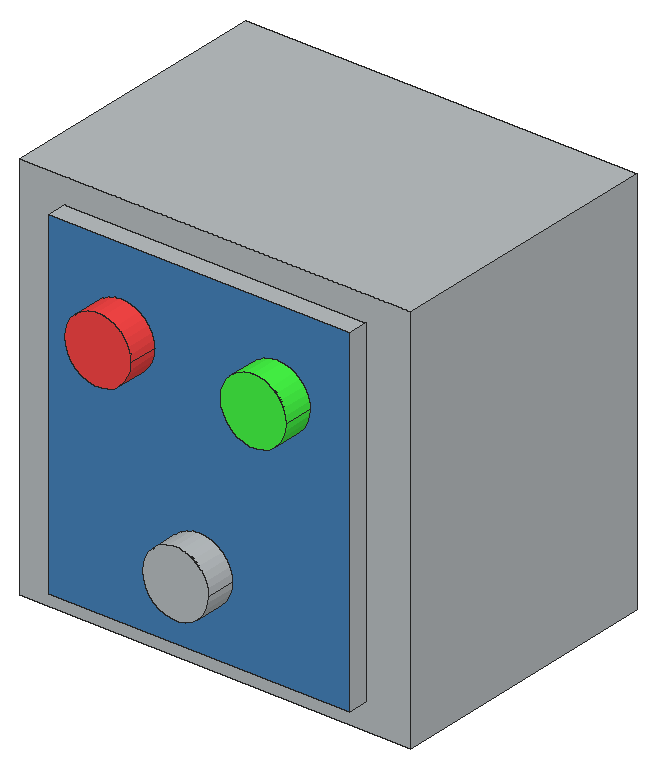
Revit family "Controls_BlueGiant_Traffic-Light-Control-Box", category Specialty Equipment, Revit 2026
Family settings
  Round Connector Dimension = Use Diameter
  Part Type = Normal
  Work Plane-Based = Yes
  Enable Cutting in Views = No
  Always vertical = No
  Cut with Voids When Loaded = No
  Maintain Annotation Orientation = No
  Shared = No
  Room Calculation Point = No
Parameters (values of type "ByType")
  Warranty Duration (Years) = 0
  Voltage_MEP = 0 V
  Unit Width = 0' - 5 115/128"
  Unit Height = 0' - 5 115/128"
  Unit Depth = 0' - 4 9/16"
  URL = "http://www.bluegiant.com/"
  Specification = "http://www.arcat.com/specwizard/clients/bluegian.html?coid=38505"
  SpecWizard = "http://www.arcat.com/specwizard/11160blu/index.htm?mf=&coid=38505"
  Send Message = "http://admin.arcat.com/users.pl?action=UserEmail&company=Blue%20Giant%20Equipment%20Corp.&coid=38505&rep=119&fax=905-457-2313&mf="
  Sales Information = "http://www.bluegiant.com/Loading_Dock_Dealer_Locations.html"
  Product Properties = "http://www.arcat.com/bim/bim_info.pl?fn=DockEquipment_BlueGiant"
  Product Data = "http://www.arcat.com/arcatcos/cos38/arc38505.html"
  Mounting Height = 7' - 0"
  Model = "CHECK WITH MANUFACTURER"
  Manufacturer Website = "http://www.bluegiant.com/"
  Manufacturer Phone - Toll Free = "800-668-7078 "
  Manufacturer Phone = "905-457-3900 "
  Manufacturer Fax = "905-457-2313"
  Manufacturer Address = "85 Heart Lake Rd. S.; Brampton; ON; Canada L6W 3K2"
  Manufacturer = "Blue Giant Equipment Corp."
  Maintenance Schedule (Months) = 0
  MEP Amperage = 0 A
  Keynote = "11160"
  Installation_Fabricaton = "http://www.bluegiant.com/Guide/Loading_Dock_Equipment.html"
  Installation Phase = ""
  Green Building-LEED = "http://www.arcat.com/green/clients/leed_data_38505.html"
  Expected Lifespan (Years) = 0
  Panel Material = Metal - Blue Giant - Zinc Coated Steel
  Drawn By = "Sumex Design, Inc. / Robert S. Weygant. CSI, CDT, SCIP"
  Description = "Blue Giant LED Traffic Light Control Box"
  Default Elevation = 4' - 0"
  Copyright = "©Arcat Inc."
  Construction Details = "http://www.arcat.com/details/bluegian/bluegian.html?coid=38505"
  Assembly Code = "E1030300"
Reference planes (in)
  plane 1 "Center (Front/Back)": y = -31.29095
  plane 2: z = 0
  plane 3 "Center": x = 909.25628
  plane 4 "Left": x = 912.2055
  plane 5 "Right": x = 906.30706
  plane 6 "Mounting Line": z = 84
  plane 7: z = 81.05078
  plane 8: y = -35.85345
  plane 9: z = 86.94922
Forms (in)
  Extrusion 1, solid, material "Metal - Blue Giant - Zinc Coated Steel" <- "Panel Material"
    sketch origin (0, -36.29095, 5) x (1, 0, 0) y (0, 0, 1)
      loop
        line (906.30706, 81.94922) -> (906.30706, 76.05078) -> (912.2055, 76.05078) -> (912.2055, 81.94922) -> (906.30706, 81.94922)
    from -5 to -0.75
  Extrusion 2, solid, material "Plastic - Blue Giant - Red LED"
    sketch origin (0, -36.29095, 0) x (1, 0, 0) y (0, 0, 1)
      loop
        circle (908.08247, 85.31436) r 0.5
    from -0.4375 to 0
  Extrusion 3, solid, material "Plastic - Blue Giant - Green LED"
    sketch origin (1818.51255, -36.29095, 0) x (-1, 0, 0) y (0, 0, -1)
      loop
        circle (908.08247, -85.31436) r 0.5
    from -0.4375 to 0
  Extrusion 4, solid, material "Metal - Blue Giant - Zinc Coated Steel"
    sketch origin (0, -36.29095, 0) x (1, 0, 0) y (0, 0, 1)
      loop
        circle (909.25628, 82.5683) r 0.5
    from -0.4375 to 0
  Extrusion 5, solid
    sketch origin (0, -36.29095, 0) x (1, 0, 0) y (0, 0, 1)
      loop
        line (906.98722, 81.4413) -> (911.52533, 81.4413) -> (911.52533, 86.5587) -> (906.98722, 86.5587) -> (906.98722, 81.4413)
    from -0.4375 to -0.75
Dimensions and locks (in)
  equal spacing: plane 5 "Right", plane 3 "Center", plane 4 "Left"
  "Unit Width": plane 5 "Right" to plane 4 "Left"
  locked: plane 6 "Mounting Line" to level at 84
  "Unit Depth": plane 1 "Center (Front/Back)" to plane 8
  equal spacing: plane 9, plane 6 "Mounting Line", plane 7
  "Unit Height": plane 9 to plane 7
  aligned and locked: plane 5 "Right" to Extrusion 1 sketch curve
  aligned and locked: plane 4 "Left" to Extrusion 1 sketch curve
  aligned and locked: Extrusion 1 to plane 7
  aligned: Extrusion 1 to Extrusion 5
Automatic sketch dimensions
  Extrusion 1 sketch curve to plane 7 = 0' - 0"
  Extrusion 1 sketch curve to plane 9 = 0' - 0"
  Extrusion 2 sketch curve to plane 3 "Center" = 0' - 1.1738"
  plane 6 "Mounting Line" to Extrusion 2 sketch curve = 0' - 1.31436"
  plane 3 "Center" to Extrusion 3 sketch curve = 0' - 1.1738"
  plane 6 "Mounting Line" to Extrusion 3 sketch curve = 0' - 1.31436"
  Extrusion 4 sketch curve to plane 3 "Center" = 0' - 0"
  Extrusion 4 sketch curve to plane 6 "Mounting Line" = 0' - 1.4317"
  plane 4 "Left" to Extrusion 5 sketch curve = 0' - 0.68016"
  plane 7 to Extrusion 5 sketch curve = 0' - 0.39052"
  Extrusion 5 sketch curve to plane 5 "Right" = 0' - 0.68016"
  plane 9 to Extrusion 5 sketch curve = 0' - 0.39052"
  radius of Extrusion 2 sketch curve = 0' - 0 1/2"
  radius of Extrusion 3 sketch curve = 0' - 0 1/2"
  radius of Extrusion 4 sketch curve = 0' - 0 1/2"
Connectors (in)
  electrical at (909.25628, -31.29095, 84)
    settings: on Extrusion 1, index 1, voltage 0 V, apparent load 0 VA, apparent load phase1 0 VA, apparent load phase2 0 VA, apparent load phase3 0 VA, power factor 1, load classification "Other", number of poles 1, system type 31, power factor state 1, is connector primary yes, connector utility no, sub classification motor no, connector description ""
  electrical at (909.25628, -31.29095, 84)
    settings: on Extrusion 1, index 2, voltage 0 V, apparent load 0 VA, apparent load phase1 0 VA, apparent load phase2 0 VA, apparent load phase3 0 VA, power factor 1, load classification "Other", number of poles 1, system type 13, power factor state 1, is connector primary no, connector utility no, sub classification motor no, connector description ""
